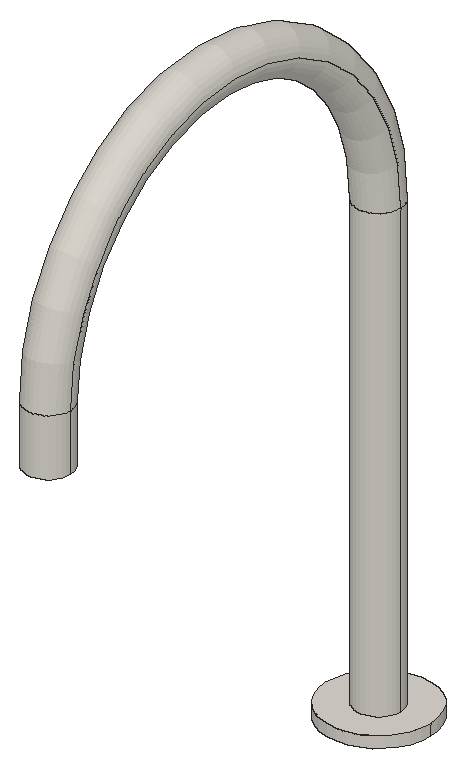
Revit family "Henry Spout", category Specialty Equipment, host Face, Revit 2026
Family settings
  Host = Face
  Round Connector Dimension = Use Diameter
  Part Type = Normal
  Enable Cutting in Views = Yes
  Cut with Voids When Loaded = No
  Maintain Annotation Orientation = No
  Shared = No
  Room Calculation Point = No
Parameters (values of type "BRUSHED NICKEL")
  Width = 55 mm
  Material = BM_NICKEL
  Length = 255.75 mm
  Height = 363 mm
  Default Elevation = 1219.2 mm
Types (6, lengths in mm): name | Material
  (no name) | BM_NICKEL
  MATTE BLACK | BM_MATTE BLACK
  BRUSHED GUNMETAL | BM_GUNMETAL
  BRUSHED BRASS GOLD | BM_BRASS GOLD
  BRUSHED ANTIQUE BRASS | BM_ANTIQUE BRASS
  BRUSHED NICKEL | BM_NICKEL
Reference planes
  plane 1 "Center (Front/Back)": y = 0
  plane 2: z = 0
  plane 3 "Center (Left/Right)": x = 0
  plane 4: y = 27.5
  plane 5: y = -27.5
  plane 6: x = -27.5
  plane 7: x = 27.5
  plane 8: z = 6
  plane 9: z = 363
  plane 10: y = -204.75
  plane 11: y = -228.25
  plane 12: y = -216.5
Forms (mm)
  Extrusion 1, solid, material "BM_NICKEL" <- "Material"
    sketch origin (0, 0, 0) x (1, 0, 0) y (0, 1, 0)
      loop
        circle (0, 0) r 27.5
    from 0 to 6
  Sweep 2, solid, material "BM_NICKEL" <- "Material"
    path origin (0, 0, 0) x (0, 1, 0) y (0, 0, 1)
      loop
        line (0, 6) -> (0, 242.625)
        arc (0, 242.625) -> (-108.25, 350.875) -> (-216.5, 242.625) r 108.25
        line (-216.5, 242.625) -> (-216.5, 212.637)
    profile origin (0, 0, 124.312) x (0, -1, 0) y (1, 0, 0)
      loop
        circle (0, 0) r 11.75
Text (mm)
  text "Refer to www.buildmat.com.au for the most current product literature. \nAllow a +/- 5mm tolerance for dimensions shown in the product literature. \nPlease note product details are subject to change due to ongoing product development." at (-3.416, -1098.909, 0), in view "Ref. Level"
Dimensions and locks
  "Width": plane 6 to plane 7
  plane 6 to plane 3 "Center (Left/Right)" = 27.5 mm
  "Length": plane 4 to plane 11
  "Height": plane 9 to host face
  plane 4 to plane 11 = 255.75 mm
  plane 10 to plane 11 = 23.5 mm
  plane 4 to plane 5 = 55 mm
  aligned and locked: plane 2 to host face
  aligned and locked: level to host face
Automatic sketch dimensions
  host sketch curve to host sketch curve = 2438.4 mm  (x2)
  plane 1 "Center (Front/Back)" to Extrusion 1 sketch curve = 0 mm
  Extrusion 1 sketch curve to plane 3 "Center (Left/Right)" = 0 mm
  Sweep 2 sketch curve to plane 12 = 0 mm
  Sweep 2 sketch curve to plane 1 "Center (Front/Back)" = 0 mm
  Sweep 2 sketch curve to plane 8 = 0 mm
  Sweep 2 sketch curve to plane 9 = 120.375 mm
  Sweep 2 sketch curve to Sweep 2 sketch curve = 29.988 mm
  Sweep 2 sketch curve to plane 3 "Center (Left/Right)" = 0 mm
  Sweep 2 sketch curve to profile plane = 0 mm
  radius of Extrusion 1 sketch curve = 27.5 mm
  radius of Sweep 2 sketch curve = 11.75 mm
